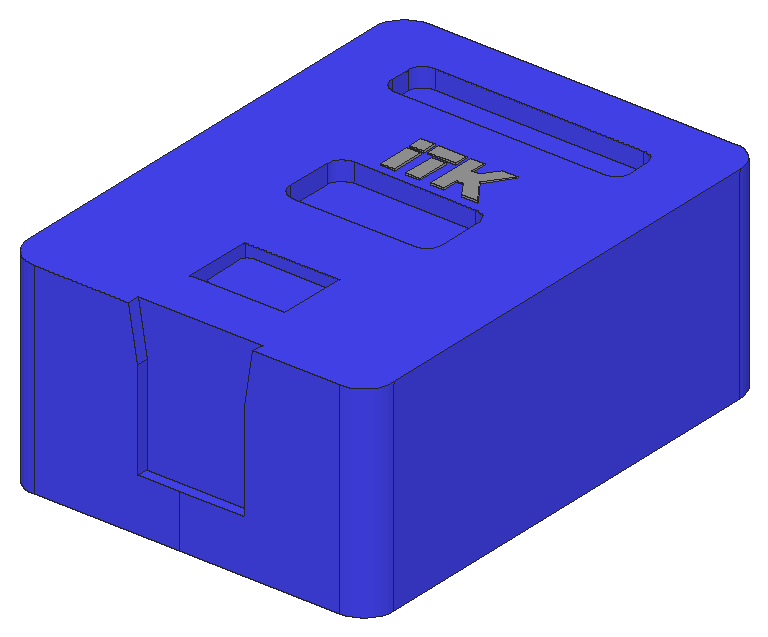
Revit family "ITK_Корпус настенной розетки для одного модуля Keystone Jack_IP20", category Обобщенные модели, Revit 2019
Family settings
  Может служить основой для арматурных стержней = Нет
  Размер круглого соединителя = Использовать диаметр
  Тип детали = Нормальный
  На основе рабочей плоскости = Нет
  Всегда вертикально = Да
  При загрузке вырезать с полостями = Нет
  Общий = Нет
  Точка расчета площади = Нет
Parameters (values of type "CS2-012")
  Ширина = 48.2 mm
  Степень защиты = "IP20"  # constant formula
  Материал = Пластик белый
  Изготовитель = "ITK"  # constant formula
  Дата изменения = ""
  Глубина = 65 mm
  Высота = 27 mm
  URL = "https://www.iek.ru/"
  KSI_CPr_Строительные изделия = ""
  KSI_CMa_Строительные материалы = "01.7.14.03"  # constant formula
  IEK_Цена за единицу = 81.71
  IEK_Поиск в таблице имен = ""
  IEK_Описание = "Соответствие международным стандартам качества, что обеспечивает совместимость с компонентами для СКС и с кабелем других производителей.\r\nИзготовлены из высококачественных негорючих материалов и отличаются надежностью и удобством эксплуатации."
  IEK_URL = "https://www.itk-group.ru/produktsiya/catalog/oborudovanie_telekommunikatsionnoe/komponenty_sks_mednye/rozetki_adaptery_i_moduli_keystone/moduli_keystone_jack_informatsionnye_rozetki_rozetochnye_korpusa_i_adaptery/rozetochnye_korpusa_modulnye_vstavki_dlya_keystone_jack_i_litsevye_ramki/rozetochnye_korpusa/itk_korpus_nastennoy_rozetki_dlya_ustanovki_odnogo_modulya_keystone_jack_belyy"
  ADSK_Примечание = ""
  ADSK_Позиция [instance] = ""
  ADSK_Наименование = "ITK Корпус настенной розетки для 1 мод. Keystone Jack"
  ADSK_Материал обозначение = ""
  ADSK_Материал наименование = "АБС-пластик"
  ADSK_Масса = 0.035
  ADSK_Марка = ""  # constant formula
  ADSK_Код изделия = "CS2-012"
  ADSK_Завод-изготовитель = "IEK"  # constant formula
  ADSK_Единица измерения = "шт"  # constant formula
  ADSK_Группирование = "I. ЩИТЫ И ПУЛЬТЫ"  # constant formula
  ADSK_Версия семейства = "1.0"  # constant formula
  ADSK_Версия Revit = "2019"  # constant formula
  ADSK_URL страницы изделия = "https://www.itk-group.ru/produktsiya/catalog/oborudovanie_telekommunikatsionnoe/komponenty_sks_mednye/rozetki_adaptery_i_moduli_keystone/moduli_keystone_jack_informatsionnye_rozetki_rozetochnye_korpusa_i_adaptery/rozetochnye_korpusa_modulnye_vstavki_dlya_keystone_jack_i_litsevye_ramki/rozetochnye_korpusa/"
Reference planes
  plane 1 "По центру (Вперед/Назад)": y = -11.177
  plane 2: z = 0
  plane 3 "По центру (Влево/Вправо)": x = 0
  plane 4: x = -24.1
  plane 5: x = 24.1
  plane 6: z = 27
  plane 7: y = 21.323
  plane 8: y = -43.677
Forms (mm)
  Extrusion 1, solid, material "Окраска - RAL 9005", detail levels fine
    sketch origin (-13.726, -63.196, 45.73) x (1, 0, 0) y (0, 1, 0)
      loop
        line (8.255, 62.533) -> (8.255, 58.301) -> (10.105, 58.301) -> (10.105, 62.533) -> (8.255, 62.533)
      loop
        line (8.255, 63.122) -> (10.105, 63.122) -> (10.105, 64.918) -> (8.255, 64.918) -> (8.255, 63.122)
      loop
        line (14.857, 64.918) -> (14.857, 58.301) -> (16.601, 58.301) -> (16.601, 60.349) -> (17.55, 60.349) -> (18.88, 58.301) -> (21.005, 58.301) -> (18.597, 61.614) -> (21.005, 64.918) -> (18.88, 64.918) -> (17.55, 62.87) -> (16.601, 62.87) -> (16.601, 64.918) -> (14.857, 64.918)
      loop
        line (10.633, 63.122) -> (14.256, 63.122) -> (14.256, 64.918) -> (10.633, 64.918) -> (10.633, 63.122)
      loop
        line (11.537, 62.533) -> (11.537, 58.301) -> (13.387, 58.301) -> (13.387, 62.533) -> (11.537, 62.533)
    from -18.73 to -18.541
  Extrusion 2, solid, material "Пластик белый", detail levels fine
    sketch origin (0, 0, 0) x (1, 0, 0) y (0, 1, 0)
      loop
        line (-24.1, 17.323) -> (-24.1, -39.677)
        arc (-24.1, -39.677) -> (-22.928, -42.505) -> (-20.1, -43.677) r 4
        line (-20.1, -43.677) -> (-1, -43.677) -> (20.1, -43.677)
        arc (20.1, -43.677) -> (22.928, -42.505) -> (24.1, -39.677) r 4
        line (24.1, -39.677) -> (24.1, 17.323)
        arc (24.1, 17.323) -> (22.928, 20.152) -> (20.1, 21.323) r 4
        line (20.1, 21.323) -> (-20.1, 21.323)
        arc (-20.1, 21.323) -> (-22.928, 20.152) -> (-24.1, 17.323) r 4
    from 0 to 27
  Extrusion 3, void
    sketch origin (0, 0, 0) x (1, 0, 0) y (0, 1, 0)
      loop
        line (-18.1, 16.861) -> (-18.1, -38.098)
        arc (-18.1, -38.098) -> (-17.514, -39.512) -> (-16.1, -40.098) r 2
        line (-16.1, -40.098) -> (16.1, -40.098)
        arc (16.1, -40.098) -> (17.514, -39.512) -> (18.1, -38.098) r 2
        line (18.1, -38.098) -> (18.1, 16.861)
        arc (18.1, 16.861) -> (17.514, 18.276) -> (16.1, 18.861) r 2
        line (16.1, 18.861) -> (-16.1, 18.861)
        arc (-16.1, 18.861) -> (-17.514, 18.276) -> (-18.1, 16.861) r 2
    from 0 to 24
  Extrusion 4, void
    sketch origin (0, 0, 0) x (1, 0, 0) y (0, 1, 0)
      loop
        arc (-13.748, 14.323) -> (-15.162, 13.738) -> (-15.748, 12.323) r 2
        line (-15.748, 12.323) -> (-15.748, 9.823)
        arc (-15.748, 9.823) -> (-15.162, 8.409) -> (-13.748, 7.823) r 2
        line (-13.748, 7.823) -> (13.748, 7.823)
        arc (13.748, 7.823) -> (15.162, 8.409) -> (15.748, 9.823) r 2
        line (15.748, 9.823) -> (15.748, 12.323)
        arc (15.748, 12.323) -> (15.162, 13.738) -> (13.748, 14.323) r 2
        line (13.748, 14.323) -> (-13.748, 14.323)
      loop
        arc (10, -8.177) -> (9.414, -6.762) -> (8, -6.177) r 2
        line (8, -6.177) -> (-8, -6.177)
        arc (-8, -6.177) -> (-9.414, -6.762) -> (-10, -8.177) r 2
        line (-10, -8.177) -> (-10, -14.177)
        arc (-10, -14.177) -> (-9.414, -15.591) -> (-8, -16.177) r 2
        line (-8, -16.177) -> (8, -16.177)
        arc (8, -16.177) -> (9.414, -15.591) -> (10, -14.177) r 2
        line (10, -14.177) -> (10, -8.177)
      loop
        line (-6.25, -26.377) -> (-6.25, -35.377) -> (6.25, -35.377) -> (6.25, -26.377) -> (-6.25, -26.377)
    from 24.535 to 27
  Extrusion 5, void
    sketch origin (0, -11.177, 0) x (1, 0, 0) y (0, 0, 1)
      loop
        line (8, 6.238) -> (-8, 6.238)
        arc (-8, 6.238) -> (-9.414, 5.652) -> (-10, 4.238) r 2
        line (-10, 4.238) -> (-10, 0) -> (10, 0) -> (10, 4.238)
        arc (10, 4.238) -> (9.414, 5.652) -> (8, 6.238) r 2
    from -28 to -32.5
  Extrusion 6, void
    sketch origin (0, -11.177, 0) x (1, 0, 0) y (0, 0, 1)
      loop
        line (-7.664, 27) -> (-6.497, 20) -> (-6.497, 7) -> (7.553, 7) -> (7.553, 20) -> (8.719, 27) -> (-7.664, 27)
    from 31.005 to 32.5
  Extrusion 7, solid, material "Пластик белый", detail levels fine
    sketch origin (0, 0, 0) x (1, 0, 0) y (0, 1, 0)
      loop
        line (16.1, 18.861) -> (-16.1, 18.861)
        arc (-16.1, 18.861) -> (-17.514, 18.276) -> (-18.1, 16.861) r 2
        line (-18.1, 16.861) -> (-18.1, -38.098)
        arc (-18.1, -38.098) -> (-17.514, -39.512) -> (-16.1, -40.098) r 2
        line (-16.1, -40.098) -> (16.1, -40.098)
        arc (16.1, -40.098) -> (17.514, -39.512) -> (18.1, -38.098) r 2
        line (18.1, -38.098) -> (18.1, 16.861)
        arc (18.1, 16.861) -> (17.514, 18.276) -> (16.1, 18.861) r 2
    from 7.475 to 9.795
  Extrusion 8, solid, material "Пластик синий", detail levels fine
    sketch origin (-12.782, 0, 0) x (-1, 0, 0) y (0, -1, 0)
      loop
        line (-17.241, 27.168) -> (-8.322, 27.168)
        arc (-8.322, 27.168) -> (-7.621, 27.459) -> (-7.331, 28.16) r 0.991
        line (-7.331, 28.16) -> (-7.331, 33.186)
        arc (-7.331, 33.186) -> (-7.621, 33.886) -> (-8.321, 34.177) r 0.99
        line (-8.321, 34.177) -> (-17.223, 34.177)
        arc (-17.223, 34.177) -> (-17.959, 33.872) -> (-18.264, 33.136) r 1.04
        line (-18.264, 33.136) -> (-18.264, 28.191)
        arc (-18.264, 28.191) -> (-17.964, 27.468) -> (-17.241, 27.168) r 1.023
    from 24.535 to 26
  Extrusion 9, solid, material "Условный материал-отделка", detail levels coarse+medium
    sketch origin (0, 0, 0) x (1, 0, 0) y (0, 1, 0)
      loop
        line (-24.1, 21.323) -> (-24.1, -43.677) -> (24.1, -43.677) -> (24.1, 21.323) -> (-24.1, 21.323)
    from 0 to 27 <- "Высота"
Cuts and joins
  Extrusion 3, Extrusion 4, Extrusion 5, Extrusion 6 cuts Extrusion 2
Dimensions and locks
  "Высота": plane 6 to level
  equal spacing: plane 5, plane 3 "По центру (Влево/Вправо)", plane 4
  "Ширина": plane 5 to plane 4
  equal spacing: plane 8, plane 1 "По центру (Вперед/Назад)", plane 7
  "Глубина": plane 8 to plane 7
  aligned and locked: level to plane 2
  aligned and locked: Extrusion 2 to level
  aligned and locked: Extrusion 3 to level
  aligned and locked: Extrusion 2 to Extrusion 4
  aligned and locked: Extrusion 5 to level
  aligned and locked: plane 5 to Extrusion 2
  aligned and locked: Extrusion 2 to plane 4
  aligned and locked: Extrusion 2 to Extrusion 6
  aligned and locked: plane 7 to Extrusion 2
  aligned and locked: Extrusion 2 to Extrusion 5
  aligned and locked: Extrusion 9 sketch curve to plane 4
  aligned and locked: Extrusion 9 sketch curve to plane 7
  aligned and locked: Extrusion 9 sketch curve to plane 5
  aligned and locked: Extrusion 9 sketch curve to plane 8
  aligned and locked: cut or joined group of Extrusion 2, Extrusion 3, Extrusion 4, Extrusion 5, Extrusion 6 to Extrusion 7  (x3)
Automatic sketch dimensions
  Extrusion 1 sketch curve to plane 3 "По центру (Влево/Вправо)" = 5.471 mm
  Extrusion 1 sketch curve to Extrusion 1 sketch curve = 0 mm  (x7)
  Extrusion 1 sketch curve to Extrusion 1 sketch curve = 1.85 mm
  Extrusion 1 sketch curve to Extrusion 1 sketch curve = 0.528 mm
  Extrusion 1 sketch curve to Extrusion 1 sketch curve = 0.904 mm
  Extrusion 1 sketch curve to plane 3 "По центру (Влево/Вправо)" = 0.339 mm
  plane 3 "По центру (Влево/Вправо)" to Extrusion 1 sketch curve = 0.53 mm
  Extrusion 1 sketch curve to Extrusion 1 sketch curve = 0.601 mm
  Extrusion 1 sketch curve to Extrusion 1 sketch curve = 1.744 mm  (x2)
  Extrusion 1 sketch curve to Extrusion 1 sketch curve = 0.948 mm  (x2)
  Extrusion 1 sketch curve to Extrusion 1 sketch curve = 1.047 mm
  Extrusion 1 sketch curve to Extrusion 1 sketch curve = 2.278 mm  (x2)
  Extrusion 1 sketch curve to Extrusion 1 sketch curve = 2.125 mm  (x2)
  Extrusion 1 sketch curve to plane 1 "По центру (Вперед/Назад)" = 6.281 mm  (x2)
  Extrusion 1 sketch curve to Extrusion 1 sketch curve = 2.048 mm  (x2)
  Extrusion 1 sketch curve to Extrusion 1 sketch curve = 1.266 mm
  Extrusion 1 sketch curve to Extrusion 1 sketch curve = 2.184 mm
  Extrusion 1 sketch curve to Extrusion 1 sketch curve = 1.255 mm
  Extrusion 1 sketch curve to Extrusion 1 sketch curve = 0.59 mm
  Extrusion 1 sketch curve to Extrusion 1 sketch curve = 1.795 mm  (x2)
  Extrusion 2 sketch curve to plane 4 = 0 mm
  Extrusion 2 sketch curve to Extrusion 2 sketch curve = 4 mm  (x3)
  Extrusion 2 sketch curve to plane 3 "По центру (Влево/Вправо)" = 1 mm
  Extrusion 2 sketch curve to plane 5 = 4 mm  (x2)
  plane 1 "По центру (Вперед/Назад)" to Extrusion 2 sketch curve = 32.5 mm
  Extrusion 2 sketch curve to plane 1 "По центру (Вперед/Назад)" = 28.5 mm
  plane 4 to Extrusion 3 sketch curve = 6 mm
  Extrusion 3 sketch curve to Extrusion 3 sketch curve = 2 mm  (x3)
  Extrusion 3 sketch curve to plane 5 = 8 mm  (x2)
  plane 1 "По центру (Вперед/Назад)" to Extrusion 3 sketch curve = 28.922 mm
  Extrusion 3 sketch curve to plane 1 "По центру (Вперед/Назад)" = 28.038 mm
  Extrusion 5 sketch curve to level = 0 mm
  Extrusion 5 sketch curve to Extrusion 5 sketch curve = 2 mm  (x2)
  Extrusion 5 sketch curve to plane 3 "По центру (Влево/Вправо)" = 8 mm
  level to Extrusion 5 sketch curve = 4.238 mm
  Extrusion 6 sketch curve to Extrusion 6 sketch curve = 1.167 mm
  Extrusion 8 sketch curve to plane 3 "По центру (Влево/Вправо)" = 5.482 mm
  Extrusion 8 sketch curve to Extrusion 8 sketch curve = 1.023 mm
  Extrusion 8 sketch curve to Extrusion 8 sketch curve = 1.04 mm
  plane 3 "По центру (Влево/Вправо)" to Extrusion 8 sketch curve = 4.459 mm
  Extrusion 8 sketch curve to Extrusion 8 sketch curve = 0.001 mm
  Extrusion 8 sketch curve to Extrusion 8 sketch curve = 0.991 mm
  Extrusion 8 sketch curve to plane 1 "По центру (Вперед/Назад)" = 23 mm
  Extrusion 8 sketch curve to Extrusion 8 sketch curve = 4.945 mm
  plane 3 "По центру (Влево/Вправо)" to Extrusion 5 sketch curve = 8 mm
  plane 3 "По центру (Влево/Вправо)" to Extrusion 6 sketch curve = 8.719 mm
  plane 3 "По центру (Влево/Вправо)" to Extrusion 6 sketch curve = 7.553 mm
  level to Extrusion 6 sketch curve = 7 mm
  Extrusion 6 sketch curve to Extrusion 6 sketch curve = 14.05 mm
  Extrusion 6 sketch curve to Extrusion 6 sketch curve = 13 mm
  Extrusion 6 sketch curve to Extrusion 6 sketch curve = 7 mm
  Extrusion 6 sketch curve to plane 6 = 0 mm
  plane 4 to Extrusion 4 sketch curve = 8.352 mm
  Extrusion 4 sketch curve to Extrusion 4 sketch curve = 2 mm  (x5)
  plane 1 "По центру (Вперед/Назад)" to Extrusion 4 sketch curve = 3 mm  (x2)
  Extrusion 4 sketch curve to plane 3 "По центру (Влево/Вправо)" = 10 mm
  Extrusion 4 sketch curve to plane 3 "По центру (Влево/Вправо)" = 6.25 mm
  plane 3 "По центру (Влево/Вправо)" to Extrusion 4 sketch curve = 6.25 mm
  Extrusion 4 sketch curve to plane 1 "По центру (Вперед/Назад)" = 3 mm
  plane 3 "По центру (Влево/Вправо)" to Extrusion 4 sketch curve = 8 mm
  plane 3 "По центру (Влево/Вправо)" to Extrusion 4 sketch curve = 13.748 mm
  Extrusion 4 sketch curve to Extrusion 4 sketch curve = 0 mm  (x2)
  Extrusion 4 sketch curve to Extrusion 4 sketch curve = 10.2 mm
  Extrusion 4 sketch curve to plane 8 = 8.3 mm
  Extrusion 4 sketch curve to plane 7 = 13.5 mm
  Extrusion 4 sketch curve to Extrusion 4 sketch curve = 2.5 mm
